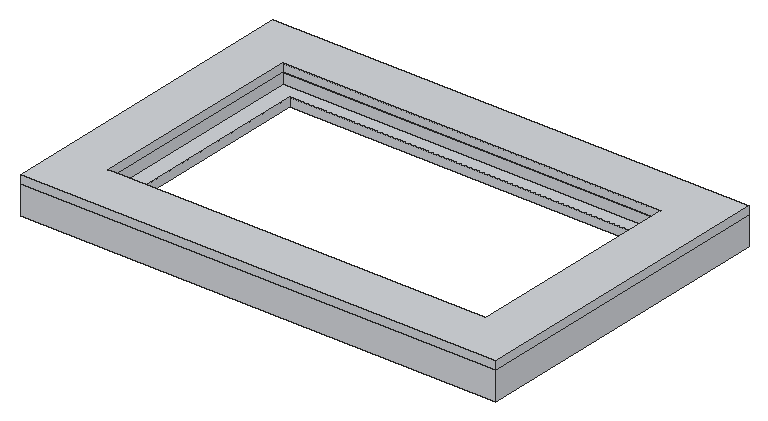
Revit family "Gira_100123", category Electrical Fixtures, host Face, Revit 2017
Family settings
  Host = Face
  Maintain Annotation Orientation = No
  Round Connector Dimension = Use Diameter
  Part Type = Normal
  Cut with Voids When Loaded = No
  Shared = No
  Room Calculation Point = No
Parameters (values of type "Abdeckrahmen 1,5f Gira E2 Anthrazit")
  Werkstoffgüte = "Thermoplast"
  Werkstoff = "Kunststoff"
  URL = "http://katalog.gira.de/de_DE/datenblatt.html?artikelnr=100123"
  Transparent = "No"
  Textfeld/Beschriftungsfläche = "No"
  Schutzart (IP) = "IP20"
  Region = "DE"
  Oberfläche = "sonstige"
  Name = "Abdeckrahmen 1,5f Gira E2 Anthrazit"
  Montagerichtung = "horizontal und vertikal"
  Mit Montagerahmen = "No"
  Mit Klappdeckel = "No"
  Manufacturer URL = "https://www.gira.de/"
  Keynote = "E2-Rahmen_1,5fach"
  HeinzeBIM = "https://bimportal.heinze.de/bim/abdeckrahmen-1-5f-gira-e2-anthrazit/3806c40db7ad4accf941dbe1978465deef5624d7"
  Halogenfrei = "Yes"
  HAN = "100123"
  Geeignet für Unterputz-Installation = "Yes"
  Geeignet für Unterflurkanaldose = "No"
  Geeignet für Geräteeinbaukanal = "No"
  Geeignet für Einbauinstallation = "No"
  GTIN = "4010337881339"
  Farbe = "anthrazit"
  Default Elevation = 1219.2 mm
  Data sheet (1) = "https://katalog.gira.de/de_DE/download.html?artikelnr=100123"
  Category = "Abdeckrahmen"
  Befestigungsart = "Klemmbefestigung"
  Available = "Yes"
  Anzahl der Einheiten vertikal = "1,5 "
  Anzahl der Einheiten horizontal = "1,5 "
  Anzahl der Einheiten = "1 "
Reference planes
  plane 1 "Center (Front/Back)": y = 0
  plane 2: z = 0
  plane 3 "Center (Left/Right)": x = 0
Forms (mm)
  Extrusion 1, solid, detail levels fine
    sketch origin (0, 0, 0) x (1, 0, 0) y (0, 1, 0)
      loop
        line (60.721, 40.421) -> (-60.721, 40.421) -> (-60.721, -40.421) -> (60.721, -40.421) -> (60.721, 40.421)
      loop
        line (-48.3, -28) -> (48.3, -28) -> (48.3, 28) -> (-48.3, 28) -> (-48.3, -28)
    from 7.3 to 9.3
  Extrusion 2, solid, detail levels fine
    sketch origin (0, 0, 0) x (1, 0, 0) y (0, 1, 0)
      loop
        line (-60.721, 40.421) -> (-60.721, -40.421) -> (60.721, -40.421) -> (60.721, 40.421) -> (-60.721, 40.421)
      loop
        line (-58.919, -38.619) -> (58.919, -38.619) -> (58.919, 38.619) -> (-58.919, 38.619) -> (-58.919, -38.619)
    from 0 to 7.3
  Extrusion 3, solid, detail levels fine
    sketch origin (0, 0, 0) x (1, 0, 0) y (0, 1, 0)
      loop
        line (-44, -24.75) -> (44, -24.75) -> (44, 24.75) -> (-44, 24.75) -> (-44, -24.75)
      loop
        line (-48.3, -28) -> (48.3, -28) -> (48.3, 28) -> (-48.3, 28) -> (-48.3, -28)
    from 2.2 to 4.5
  Extrusion 4, solid, detail levels fine
    sketch origin (0, 0, 0) x (1, 0, 0) y (0, 1, 0)
      loop
        line (49.78, -27.48) -> (49.78, 27.48)
        spline (49.78, 27.48) -> (49.763, 27.741) -> (49.712, 27.998) -> (49.628, 28.245) -> (49.512, 28.48) -> (49.367, 28.698) -> (49.194, 28.894) -> (48.998, 29.067) -> (48.78, 29.212) -> (48.545, 29.328) -> (48.298, 29.412) -> (48.041, 29.463) -> (47.78, 29.48)
        line (47.78, 29.48) -> (-47.78, 29.48)
        spline (-47.78, 29.48) -> (-48.041, 29.463) -> (-48.298, 29.412) -> (-48.545, 29.328) -> (-48.78, 29.212) -> (-48.998, 29.067) -> (-49.194, 28.894) -> (-49.367, 28.698) -> (-49.512, 28.48) -> (-49.628, 28.245) -> (-49.712, 27.998) -> (-49.763, 27.741) -> (-49.78, 27.48)
        line (-49.78, 27.48) -> (-49.78, -27.48)
        spline (-49.78, -27.48) -> (-49.763, -27.741) -> (-49.712, -27.998) -> (-49.628, -28.245) -> (-49.512, -28.48) -> (-49.367, -28.698) -> (-49.194, -28.894) -> (-48.998, -29.067) -> (-48.78, -29.212) -> (-48.545, -29.328) -> (-48.298, -29.412) -> (-48.041, -29.463) -> (-47.78, -29.48)
        line (-47.78, -29.48) -> (47.78, -29.48)
        spline (47.78, -29.48) -> (48.041, -29.463) -> (48.298, -29.412) -> (48.545, -29.328) -> (48.78, -29.212) -> (48.998, -29.067) -> (49.194, -28.894) -> (49.367, -28.698) -> (49.512, -28.48) -> (49.628, -28.245) -> (49.712, -27.998) -> (49.763, -27.741) -> (49.78, -27.48)
      loop
        line (-48.3, -28) -> (48.3, -28) -> (48.3, 28) -> (-48.3, 28) -> (-48.3, -28)
    from 2.2 to 7.3
  Extrusion 5, solid, detail levels coarse+medium
    sketch origin (0, 0, 0) x (1, 0, 0) y (0, 1, 0)
      loop
        line (-60.721, 40.421) -> (-60.721, -40.421) -> (60.721, -40.421) -> (60.721, 40.421) -> (-60.721, 40.421)
    from 0 to 9.3
Dimensions and locks
  aligned and locked: plane 2 to host face
  aligned and locked: level to host face
